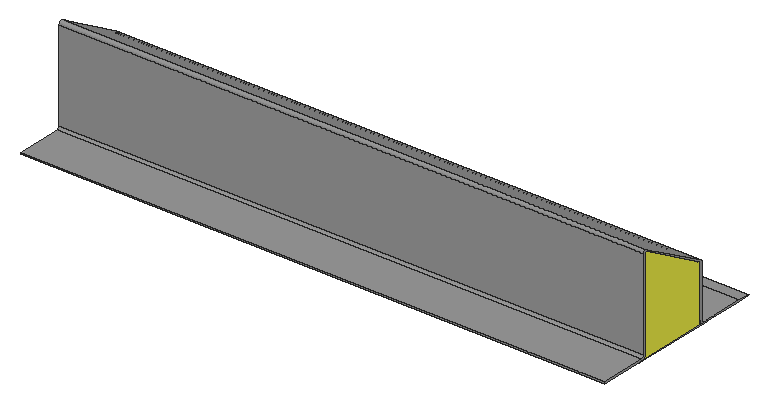
Revit family "XHD K 150 WOL", category Generic Models, Revit 2014
Parameters (values of type "Max lintel length 2100mm")
  URL = "http://www.keystonelintels.co.uk"
  Structural Opening [instance] = 900 mm
  Structural Performance = "The Keystone lintel range has safe working loads as detailed in each applicable loading table in the Keystone Lintel Guide brochure. The structural performance figures within each table have been ascertained by testing in accordance with the requirements of standards BS EN 5977-2: 1983 and BS EN 845-2: 2003."
  RIBA Productor Selector = "available for Keystone Lintels Ltd from Keystone Lintels Ltd from ribaproductselector.com"
  Model = "XHD/K 150 WOL"
  Min Length = 600 mm
  Min Clear Span = 300 mm
  Max Length = 2100 mm
  Max Clear Span = 2100 mm
  Material - Stainless Steel = "Grade 304 2b 1.4307 to BS EN 10088-2. Other grades available on request: contact manufacturer."
  Material - Galvanised Steel = "To BS EN 10346: 2009. DX51D plus Z600 or grade Z275 to BS 5977-2: 1983 (BS EN 845-2: 2003)."
  Manufacturer = "Keystone"
  Manufactured Length [instance] = (roundup(Effective Length / 150 mm) * 150 mm)  # 1200 mm
  Lintel height [instance] = 2100 mm
  Keynote = "F30/755"
  Fire Performance = "Keystone lintels have been subjected to a fire test (WARRES No. 101263) in accordance with BS 476-20: 1987, at Exova Warrington Fire and achieved a one hour fire performance."
  End Bearing = 150 mm
  Effective Length [instance] = Clear Opening with MIN MAX set + End Bearing * 2  # 1200 mm
  Corrosion = "Keystone’s standard range of lintels are manufactured from high quality grade pre-galvanized carbon steel with a zinc coating of 600"
  Contact Tel = "+44 (0)28 8676 2184"
  Contact Email = "info@keystonelintels.co.uk"
  Clear Opening with MIN MAX set [instance] = if(Structural Opening < Min Clear Span, Min Clear Span, (if(Structural Opening > Max Clear Span, Max Clear Span, Structural Opening)))  # 900 mm
  CPD Information = "Available for Keystone Lintels Ltd from ribacpd.com"
Reference planes
  plane 1 "Center (Front/Back)": y = 0
  plane 2: z = 0
  plane 3 "Center (Left/Right)": x = 0
  plane 4: x = -600
  plane 5: x = 600
  plane 6: z = 2100
  plane 7: x = -450
  plane 8: x = 450
Forms (mm)
  Extrusion 1, solid, material "Steel"
    sketch origin (0, 725.992, -510.749) x (0, 1, 0) y (0, 0, 1)
      loop
        line (-558.049, 2610.749) -> (-533.099, 2609.835) -> (-532.982, 2613.033) -> (-557.991, 2613.949) -> (-647.991, 2613.949)
        arc (-647.991, 2613.949) -> (-651.526, 2615.414) -> (-652.991, 2618.949) r 5
        line (-652.991, 2618.949) -> (-652.991, 2725.945)
        arc (-652.991, 2725.945) -> (-653.686, 2728.544) -> (-655.587, 2730.447) r 5.2
        line (-655.587, 2730.447) -> (-793.192, 2810.036)
        arc (-793.192, 2810.036) -> (-798.392, 2810.036) -> (-800.991, 2805.532) r 5.198
        line (-800.991, 2805.532) -> (-800.991, 2618.949)
        arc (-800.991, 2618.949) -> (-802.455, 2615.414) -> (-805.991, 2613.949) r 5
        line (-805.991, 2613.949) -> (-900.991, 2613.949) -> (-900.991, 2610.749) -> (-805.991, 2610.749)
        arc (-805.991, 2610.749) -> (-800.193, 2613.151) -> (-797.791, 2618.949) r 8.2
        line (-797.791, 2618.949) -> (-797.791, 2805.532)
        arc (-797.791, 2805.532) -> (-796.792, 2807.263) -> (-794.794, 2807.266) r 2
        line (-794.794, 2807.266) -> (-657.189, 2727.677)
        arc (-657.189, 2727.677) -> (-656.458, 2726.945) -> (-656.191, 2725.945) r 2
        line (-656.191, 2725.945) -> (-656.191, 2618.949)
        arc (-656.191, 2618.949) -> (-653.789, 2613.151) -> (-647.991, 2610.749) r 8.2
        line (-647.991, 2610.749) -> (-558.049, 2610.749)
    from -600 to 600
  Extrusion 2, solid, material "Steel"
    sketch origin (0, 725.992, -510.749) x (0, 1, 0) y (0, 0, 1)
      loop
        line (-814.189, 2609.749) -> (-639.189, 2609.749) -> (-639.189, 2610.749) -> (-656.189, 2610.749) -> (-656.189, 2618.749) -> (-657.189, 2618.749) -> (-657.189, 2610.749) -> (-814.189, 2610.749) -> (-814.189, 2609.749)
    from -600 to 600
  Extrusion 3, solid, material "Insulation"
    sketch origin (0, 725.992, -510.749) x (0, 1, 0) y (0, 0, 1)
      loop
        line (-656.191, 2618.949) -> (-656.191, 2725.945)
        arc (-656.191, 2725.945) -> (-656.458, 2726.945) -> (-657.189, 2727.677) r 2
        line (-657.189, 2727.677) -> (-794.794, 2807.266)
        arc (-794.794, 2807.266) -> (-796.792, 2807.263) -> (-797.791, 2805.532) r 2
        line (-797.791, 2805.532) -> (-797.791, 2618.949)
        arc (-797.791, 2618.949) -> (-800.193, 2613.151) -> (-805.991, 2610.749) r 8.2
        line (-805.991, 2610.749) -> (-657.189, 2610.749) -> (-657.189, 2618.749) -> (-656.189, 2618.749) -> (-656.189, 2610.749) -> (-647.991, 2610.749)
        arc (-647.991, 2610.749) -> (-653.789, 2613.151) -> (-656.191, 2618.949) r 8.2
    from -600 to 600
  Extrusion 4, solid, not visible
    sketch origin (0, 960.559, 1180.1) x (0, 1, 0) y (0, 0, 1)
      loop
        line (-558.049, 1010.749) -> (-533.099, 1009.835) -> (-532.982, 1013.033) -> (-557.991, 1013.949) -> (-647.991, 1013.949)
        arc (-647.991, 1013.949) -> (-651.526, 1015.414) -> (-652.991, 1018.949) r 5
        line (-652.991, 1018.949) -> (-652.991, 1125.945)
        arc (-652.991, 1125.945) -> (-653.686, 1128.544) -> (-655.587, 1130.447) r 5.2
        line (-655.587, 1130.447) -> (-793.192, 1210.036)
        arc (-793.192, 1210.036) -> (-798.392, 1210.036) -> (-800.991, 1205.532) r 5.198
        line (-800.991, 1205.532) -> (-800.991, 1018.949)
        arc (-800.991, 1018.949) -> (-802.455, 1015.414) -> (-805.991, 1013.949) r 5
        line (-805.991, 1013.949) -> (-900.991, 1013.949) -> (-900.991, 1010.749) -> (-805.991, 1010.749)
        arc (-805.991, 1010.749) -> (-800.193, 1013.151) -> (-797.791, 1018.949) r 8.2
        line (-797.791, 1018.949) -> (-797.791, 1205.532)
        arc (-797.791, 1205.532) -> (-796.792, 1207.263) -> (-794.794, 1207.266) r 2
        line (-794.794, 1207.266) -> (-657.189, 1127.677)
        arc (-657.189, 1127.677) -> (-656.458, 1126.945) -> (-656.191, 1125.945) r 2
        line (-656.191, 1125.945) -> (-656.191, 1018.949)
        arc (-656.191, 1018.949) -> (-653.789, 1013.151) -> (-647.991, 1010.749) r 8.2
        line (-647.991, 1010.749) -> (-558.049, 1010.749)
    from 0 to 250
  Extrusion 5, solid, not visible
    sketch origin (0, 635.333, 1189.424) x (0, 1, 0) y (0, 0, 1)
      loop
        line (-656.191, 1018.949) -> (-656.191, 1125.945)
        arc (-656.191, 1125.945) -> (-656.458, 1126.945) -> (-657.189, 1127.677) r 2
        line (-657.189, 1127.677) -> (-794.794, 1207.266)
        arc (-794.794, 1207.266) -> (-796.792, 1207.263) -> (-797.791, 1205.532) r 2
        line (-797.791, 1205.532) -> (-797.791, 1018.949)
        arc (-797.791, 1018.949) -> (-800.193, 1013.151) -> (-805.991, 1010.749) r 8.2
        line (-805.991, 1010.749) -> (-657.189, 1010.749) -> (-657.189, 1018.749) -> (-656.189, 1018.749) -> (-656.189, 1010.749) -> (-647.991, 1010.749)
        arc (-647.991, 1010.749) -> (-653.789, 1013.151) -> (-656.191, 1018.949) r 8.2
    from 0 to 250
  Extrusion 6, solid, not visible
    sketch origin (0, 886.997, 990.933) x (0, 1, 0) y (0, 0, 1)
      loop
        line (-814.189, 1009.749) -> (-639.189, 1009.749) -> (-639.189, 1010.749) -> (-656.189, 1010.749) -> (-656.189, 1018.749) -> (-657.189, 1018.749) -> (-657.189, 1010.749) -> (-814.189, 1010.749) -> (-814.189, 1009.749)
    from 0 to 250
Dimensions and locks
  equal spacing: plane 4, plane 3 "Center (Left/Right)", plane 5
  "Manufactured Length": plane 4 to plane 5
  "Lintel height": plane 6 to level
  "Structural Opening": plane 7 to plane 8
  equal spacing: plane 7, plane 3 "Center (Left/Right)", plane 8
  aligned and locked: level to plane 2
  aligned and locked: Extrusion 1 to plane 6
  aligned and locked: Extrusion 3 to plane 6
  aligned and locked: plane 6 to Extrusion 2
  aligned and locked: plane 5 to Extrusion 1
  aligned and locked: Extrusion 1 to plane 4
  aligned and locked: plane 5 to Extrusion 3
  aligned and locked: Extrusion 3 to plane 4
  aligned and locked: plane 5 to Extrusion 2
  aligned and locked: Extrusion 2 to plane 4
Automatic sketch dimensions
  Extrusion 1 sketch curve to Extrusion 1 sketch curve = 89.941 mm
  Extrusion 1 sketch curve to Extrusion 1 sketch curve = 24.951 mm
  Extrusion 1 sketch curve to Extrusion 1 sketch curve = 0.914 mm
  Extrusion 1 sketch curve to Extrusion 1 sketch curve = 0.117 mm
  Extrusion 1 sketch curve to Extrusion 1 sketch curve = 0.059 mm
  Extrusion 1 sketch curve to Extrusion 1 sketch curve = 5 mm  (x2)
  Extrusion 1 sketch curve to Extrusion 1 sketch curve = 106.996 mm
  Extrusion 1 sketch curve to Extrusion 1 sketch curve = 2 mm
  Extrusion 1 sketch curve to Extrusion 1 sketch curve = 0.999 mm
  Extrusion 1 sketch curve to Extrusion 1 sketch curve = 1.602 mm  (x2)
  Extrusion 1 sketch curve to Extrusion 1 sketch curve = 137.605 mm
  Extrusion 1 sketch curve to Extrusion 1 sketch curve = 79.589 mm
  Extrusion 1 sketch curve to Extrusion 1 sketch curve = 2.77 mm
  Extrusion 1 sketch curve to Extrusion 1 sketch curve = 0.997 mm
  Extrusion 1 sketch curve to Extrusion 1 sketch curve = 1.734 mm
  Extrusion 1 sketch curve to Extrusion 1 sketch curve = 0.002 mm
  Extrusion 1 sketch curve to Extrusion 1 sketch curve = 0.003 mm
  Extrusion 1 sketch curve to Extrusion 1 sketch curve = 3.2 mm
  Extrusion 1 sketch curve to Extrusion 1 sketch curve = 0 mm  (x13)
  Extrusion 1 sketch curve to Extrusion 1 sketch curve = 95 mm
  Extrusion 2 sketch curve to Extrusion 2 sketch curve = 17 mm
  Extrusion 2 sketch curve to Extrusion 2 sketch curve = 1 mm  (x2)
  Extrusion 2 sketch curve to Extrusion 2 sketch curve = 158 mm
  Extrusion 2 sketch curve to Extrusion 2 sketch curve = 8 mm
  Extrusion 2 sketch curve to Extrusion 2 sketch curve = 0 mm
  Extrusion 3 sketch curve to Extrusion 3 sketch curve = 8.198 mm
  Extrusion 3 sketch curve to Extrusion 3 sketch curve = 8.2 mm  (x3)
  Extrusion 3 sketch curve to Extrusion 3 sketch curve = 0 mm  (x3)
  Extrusion 3 sketch curve to Extrusion 3 sketch curve = 0.2 mm
  Extrusion 3 sketch curve to Extrusion 3 sketch curve = 1 mm
  Extrusion 3 sketch curve to Extrusion 3 sketch curve = 106.996 mm
  Extrusion 3 sketch curve to Extrusion 3 sketch curve = 148.802 mm
  Extrusion 3 sketch curve to Extrusion 3 sketch curve = 79.587 mm
  Extrusion 3 sketch curve to Extrusion 3 sketch curve = 2 mm
  Extrusion 3 sketch curve to Extrusion 3 sketch curve = 0.997 mm
  Extrusion 3 sketch curve to Extrusion 3 sketch curve = 0.999 mm
  Extrusion 3 sketch curve to Extrusion 3 sketch curve = 1.731 mm
  Extrusion 3 sketch curve to Extrusion 3 sketch curve = 8 mm
  Extrusion 4 sketch curve to Extrusion 4 sketch curve = 89.941 mm
  Extrusion 4 sketch curve to Extrusion 4 sketch curve = 24.951 mm
  Extrusion 4 sketch curve to Extrusion 4 sketch curve = 0.914 mm
  Extrusion 4 sketch curve to Extrusion 4 sketch curve = 0.117 mm
  Extrusion 4 sketch curve to Extrusion 4 sketch curve = 0.059 mm
  Extrusion 4 sketch curve to Extrusion 4 sketch curve = 5 mm  (x2)
  Extrusion 4 sketch curve to Extrusion 4 sketch curve = 0 mm  (x13)
  Extrusion 4 sketch curve to Extrusion 4 sketch curve = 106.996 mm
  Extrusion 4 sketch curve to Extrusion 4 sketch curve = 2 mm
  Extrusion 4 sketch curve to Extrusion 4 sketch curve = 0.999 mm
  Extrusion 4 sketch curve to Extrusion 4 sketch curve = 1.602 mm  (x2)
  Extrusion 4 sketch curve to Extrusion 4 sketch curve = 137.605 mm
  Extrusion 4 sketch curve to Extrusion 4 sketch curve = 79.589 mm
  Extrusion 4 sketch curve to Extrusion 4 sketch curve = 2.77 mm
  Extrusion 4 sketch curve to Extrusion 4 sketch curve = 0.997 mm
  Extrusion 4 sketch curve to Extrusion 4 sketch curve = 1.734 mm
  Extrusion 4 sketch curve to Extrusion 4 sketch curve = 0.002 mm
  Extrusion 4 sketch curve to Extrusion 4 sketch curve = 0.003 mm
  Extrusion 4 sketch curve to Extrusion 4 sketch curve = 3.2 mm
  Extrusion 4 sketch curve to Extrusion 4 sketch curve = 95 mm
  Extrusion 5 sketch curve to Extrusion 5 sketch curve = 8.198 mm
  Extrusion 5 sketch curve to Extrusion 5 sketch curve = 8.2 mm  (x3)
  Extrusion 5 sketch curve to Extrusion 5 sketch curve = 0 mm  (x3)
  Extrusion 5 sketch curve to Extrusion 5 sketch curve = 0.2 mm
  Extrusion 5 sketch curve to Extrusion 5 sketch curve = 1 mm
  Extrusion 5 sketch curve to Extrusion 5 sketch curve = 106.996 mm
  Extrusion 5 sketch curve to Extrusion 5 sketch curve = 148.802 mm
  Extrusion 5 sketch curve to Extrusion 5 sketch curve = 79.587 mm
  Extrusion 5 sketch curve to Extrusion 5 sketch curve = 2 mm
  Extrusion 5 sketch curve to Extrusion 5 sketch curve = 0.997 mm
  Extrusion 5 sketch curve to Extrusion 5 sketch curve = 0.999 mm
  Extrusion 5 sketch curve to Extrusion 5 sketch curve = 1.731 mm
  Extrusion 5 sketch curve to Extrusion 5 sketch curve = 8 mm
  Extrusion 6 sketch curve to Extrusion 6 sketch curve = 17 mm
  Extrusion 6 sketch curve to Extrusion 6 sketch curve = 1 mm  (x2)
  Extrusion 6 sketch curve to Extrusion 6 sketch curve = 158 mm
  Extrusion 6 sketch curve to Extrusion 6 sketch curve = 8 mm
  Extrusion 6 sketch curve to Extrusion 6 sketch curve = 0 mm
  Extrusion 3 sketch curve to plane 6 = 0 mm
  plane 1 "Center (Front/Back)" to Extrusion 3 sketch curve = 79.999 mm
  Extrusion 1 sketch curve to plane 6 = 0 mm
  plane 1 "Center (Front/Back)" to Extrusion 1 sketch curve = 174.999 mm
  Extrusion 2 sketch curve to plane 6 = 0 mm
  plane 1 "Center (Front/Back)" to Extrusion 2 sketch curve = 88.197 mm
